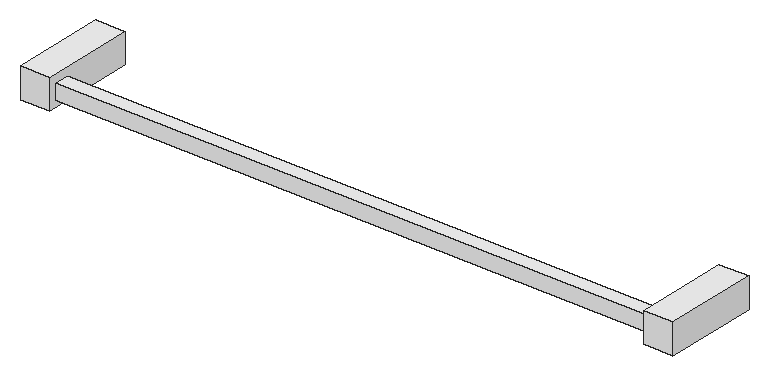
Revit family "Reece_Accessory_Mizu_Bloc MK2_Single Towel Rail", category Plumbing Fixtures, Revit 2018
Family settings
  Round Connector Dimension = Use Diameter
  Part Type = Normal
  Work Plane-Based = Yes
  Always vertical = Yes
  Cut with Voids When Loaded = Yes
  Shared = Yes
  Room Calculation Point = Yes
Parameters (values of type "550mm_Chrome")
  URL = "https://www.reece.com.au/product/-2263388"
  Type Comments = "Accessory"
  Reece_Overall_Width = 550 mm
  Reece_Product_Web Page = "https://www.reece.com.au/product/-2263388"
  Reece_Product_Type = "Accessory"  # constant formula
  Reece_Product_Sub Brand = "Bloc MK2"  # constant formula
  Reece_Product_Number = "2263388"
  Reece_Product_Mount = "Wall Mounted"
  Reece_Product_Description = "Mizu Bloc MK2 Single Towel Rail 550mm Chrome"
  Reece_Product_Brand = "Mizu"  # constant formula
  Reece_Overall_Projection = 79 mm  # constant formula
  Reece_Overall_Height = 25 mm  # constant formula
  Reece_Material_Main = Reece_Brass_Chrome
  Reece_Height_From_Level [instance] = 800 mm
  Reece_Detail_Disclaimer = "THIS FILE IS THE PROPERTY OF THE REECE GROUP. IT MAY NOT BE REPRODUCED, REVERSE-ENGINEERED OR MODIFIED. ANY REPUBLICATION, TRANSMISSION OR DISTRIBUTION FOR THE PURPOSE OF COMMERCIALLY EXPLOITING THE FILES IS PROHIBITED."  # constant formula
  Reece_Detail_Additional = "Single Towel Rail"  # constant formula
  Model = "Bloc MK2"
  Manufacturer = "Mizu"
  Keynote = "Product #2263388, Reece_Accessory_Mizu_Bloc MK2_Single Towel Rail - 550mm_Chrome"
  Disclaimer = "THIS FILE IS THE PROPERTY OF THE REECE GROUP. IT MAY NOT BE REPRODUCED, REVERSE-ENGINEERED OR MODIFIED. ANY REPUBLICATION, TRANSMISSION OR DISTRIBUTION FOR THE PURPOSE OF COMMERCIALLY EXPLOITING THE FILES IS PROHIBITED."  # constant formula
  Description = "Mizu Bloc MK2 Single Towel Rail 550mm Chrome"
  Default Elevation = 0 mm
Types (6, lengths in mm): name | URL | Reece_Overall_Width | Reece_Product_Web Page | Reece_Product_Number | Reece_Product_Description | Reece_Material_Main | Keynote | Description
  (no name) | "https://www.reece.com.au/product/-2263388" | 550 | "https://www.reece.com.au/product/-2263388" | "2263388" | "Mizu Bloc MK2 Single Towel Rail 550mm Chrome" | Reece_Brass_Chrome | "Product #2263388, Reece_Accessory_Mizu_Bloc MK2_Single Towel Rail -  " | "Mizu Bloc MK2 Single Towel Rail 550mm Chrome"
  550mm_Chrome | "https://www.reece.com.au/product/-2263388" | 550 | "https://www.reece.com.au/product/-2263388" | "2263388" | "Mizu Bloc MK2 Single Towel Rail 550mm Chrome" | Reece_Brass_Chrome | "Product #2263388, Reece_Accessory_Mizu_Bloc MK2_Single Towel Rail - 550mm_Chrome" | "Mizu Bloc MK2 Single Towel Rail 550mm Chrome"
  660mm_Chrome | "https://www.reece.com.au/product/-2263389" | 660 | "https://www.reece.com.au/product/-2263389" | "2263389" | "Mizu Bloc MK2 Single Towel Rail 660mm Chrome" | Reece_Brass_Chrome | "Product #2263389, Reece_Accessory_Mizu_Bloc MK2_Single Towel Rail - 660mm_Chrome" | "Mizu Bloc MK2 Single Towel Rail 660mm Chrome"
  760mm_Chrome | "https://www.reece.com.au/product/-2263390" | 760 | "https://www.reece.com.au/product/-2263390" | "2263390" | "Mizu Bloc MK2 Single Towel Rail 760mm Chrome" | Reece_Brass_Chrome | "Product #2263390, Reece_Accessory_Mizu_Bloc MK2_Single Towel Rail - 760mm_Chrome" | "Mizu Bloc MK2 Single Towel Rail 760mm Chrome"
  900mm_Chrome | "https://www.reece.com.au/product/-2263391" | 900 | "https://www.reece.com.au/product/-2263391" | "2263391" | "Mizu Bloc MK2 Single Towel Rail 900mm Chrome" | Reece_Brass_Chrome | "Product #2263391, Reece_Accessory_Mizu_Bloc MK2_Single Towel Rail - 900mm_Chrome" | "Mizu Bloc MK2 Single Towel Rail 900mm Chrome"
  760mm_Matte Black | "https://www.reece.com.au/product/-9508788" | 760 | "https://www.reece.com.au/product/-9508788" | "9508788" | "Mizu Bloc MK2 Single Towel Rail 760mm Matte Black" | Reece_Brass_Matte Black | "Product #9508788, Reece_Accessory_Mizu_Bloc MK2_Single Towel Rail - 760mm_Matte Black" | "Mizu Bloc MK2 Single Towel Rail 760mm Matte Black"
Reference planes
  plane 1 "Center (Front/Back)": y = 0
  plane 2 "Bottom Host Plane": z = -5
  plane 3 "Center (Left/Right)": x = 0
  plane 4: y = -79
  plane 5: x = -250
  plane 6: x = 250
  plane 7 "Height From Floor": z = 800
  plane 8: z = 825
  plane 9: x = -275
  plane 10: x = 275
Forms (mm)
  Extrusion 1, solid, material "Reece_Brass_Chrome" <- "Reece_Material_Main"
    sketch origin (0, 0, 0) x (1, 0, 0) y (0, 0, 1)
      loop
        line (-275, 825) -> (-275, 800) -> (-250, 800) -> (-250, 825) -> (-275, 825)
    from 0 to 79
  Extrusion 2, solid, material "Reece_Brass_Chrome" <- "Reece_Material_Main"
    sketch origin (0, 0, 0) x (-1, 0, 0) y (0, 0, -1)
      loop
        line (-275, -825) -> (-250, -825) -> (-250, -800) -> (-275, -800) -> (-275, -825)
    from 0 to 79
  Extrusion 3, solid, material "Reece_Brass_Chrome" <- "Reece_Material_Main"
    sketch origin (-257.119, -540.951, 0) x (0, -1, 0) y (0, 0, 1)
      loop
        line (-479.651, 818.85) -> (-479.651, 806.15) -> (-466.951, 806.15) -> (-466.951, 818.85) -> (-479.651, 818.85)
    from -507.119 to -7.119
Cuts and joins
  joined: Extrusion 1, Extrusion 2
Lines and regions (mm)
  model lines, style "InvisibleLines"
    curve 1: line (0, 0, -5) -> (0, 0, 800)
Text (mm)
  text "Reece ©" at (2774.064, -2532.019, 2710.729), in view "Reece Preview"
  text "Reece Copyright © 2018, Reece Ltd." at (-410.682, -199.224, 0), in view "Ref. Level"
Dimensions and locks
  plane 7 "Height From Floor" to plane 8 = 25 mm
  equal spacing: plane 10, plane 3 "Center (Left/Right)", plane 9
  "Reece_Overall_Width": plane 9 to plane 10
  locked: plane 9 to plane 5 at 25
  locked: plane 6 to plane 10 at 25
  equal spacing: plane 9, plane 3 "Center (Left/Right)", plane 10
  "Reece_Height_From_Level": plane 7 "Height From Floor" to level
  level to plane 7 "Height From Floor" = 800 mm
  "Reece_Overall_Height": plane 8 to plane 7 "Height From Floor"
  "Reece_Overall_Projection": plane 4 to plane 1 "Center (Front/Back)"
  plane 8 to plane 7 "Height From Floor" to level = 25 mm, 800 mm
  aligned and locked: plane 2 "Bottom Host Plane" to curve 1
  aligned and locked: plane 7 "Height From Floor" to curve 1
  aligned and locked: Extrusion 1 to plane 4
  aligned and locked: Extrusion 2 to plane 4
  aligned and locked: plane 5 to Extrusion 3
  aligned and locked: Extrusion 3 to plane 6
Automatic sketch dimensions
  curve 1 to plane 1 "Center (Front/Back)" = 0 mm
  Extrusion 1 sketch curve to plane 7 "Height From Floor" = 0 mm
  Extrusion 1 sketch curve to plane 9 = 0 mm
  plane 5 to Extrusion 1 sketch curve = 0 mm
  Extrusion 1 sketch curve to plane 8 = 0 mm
  Extrusion 2 sketch curve to plane 7 "Height From Floor" = 0 mm
  plane 10 to Extrusion 2 sketch curve = 0 mm
  plane 6 to Extrusion 2 sketch curve = 0 mm
  Extrusion 2 sketch curve to plane 8 = 0 mm
  Extrusion 3 sketch curve to plane 7 "Height From Floor" = 6.15 mm
  plane 4 to Extrusion 3 sketch curve = 17.7 mm
  plane 4 to Extrusion 3 sketch curve = 5 mm
  plane 8 to Extrusion 3 sketch curve = 6.15 mm
  curve 1 to plane 7 "Height From Floor" = 0 mm
